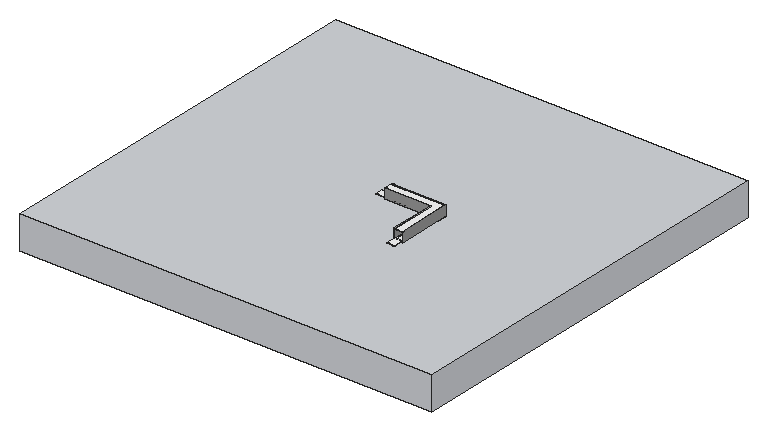
Revit family "en-halla-lina-corner-surfacerfa", category Осветительные приборы, Revit 2017
Family settings
  Основа = Грань
  Размер круглого соединителя = Использовать диаметр
  Тип детали = Нормальный
  Номер OmniClass = 23.80.70.11.11
  Заголовок OmniClass = General Luminaries, Non Directional
  При загрузке вырезать с полостями = Нет
  Источник света = Нет
  Общий = Нет
  Точка расчета площади = Нет
Parameters
  Полная установленная мощность = Power input  # 84 VA
  Youtube clip = ""
  Weight Net (Kg) = "0"
  Изготовитель = "HALLA"  # constant formula
  Default Elevation = 2000 mm
  Voltage = ""
  Uniclass 2.0 Description = "Luminaires And Lamps"
  Uniclass 2.0 Code = "PR-49"
  Uniclass 1.4 Description = "Luminaires and lamps"
  Uniclass 1.4 Code = "JY73"
  URL = "www.halla.cz"
  UNSPSC Code = "3911"
  Technical description = ""
  Switched on [instance] = yes
  Switched off [instance] = not(Switched on)  # no
  Source used = ""
  Source type = ""
  Shape of luminaire = ""
  Region South America = "All"
  Region Oceania = "All"
  Region North America = "All"
  Region Middle East = "All"
  Region Europe = "All"
  Region Asia = "All"
  Region Antarctica = "All"
  Region Africa = "All"
  Real suspension height [instance] = 10 mm  # constant formula
  QR code = "http://file-system.ru/catalog/zdaniya_i_sooruzheniya/interer/osveshchenie/halla_lina_svetilnik_uglovoy_/"
  Right connection [instance] = no
  Left connection [instance] = no
  Protection class = ""
  Product group = "LINA"
  Product family = "Indoor Luminaires"
  Product data url = ""
  Product code = ""
  Product certification = ""
  Product URL = ""
  Product SKU = "lina_corner"
  Price (EUR) = 0
  Power input = 84 W
  Description = ""
  Optics type = ""
  Suspension distance from axis = Lighting length / 2 - 200 mm  # 50 mm
  Number of sources = 1
  Nominal width = "0.00"
  Nominal height = "90.00"
  NBS Reference Description = "Luminaires And Lamps"
  NBS Reference Code = "49"
  Model = ""
  Material secondary = ""
  Material of luminaire = "Hliník"
  Material main = "Aluminium"
  Manufacturer name = "HALLA"
  Manufacturer country = "Czech Republic"
  Lighting width = 500 mm
  Lighting source distance [instance] = Real suspension height + 90 mm  # 100 mm
  Lighting length = 500 mm
  Lighting height = 90 mm
  Lighting dimensions = ""
  LED source = yes
  Installation instructions = ""
  Installation instruction = ""
  Initial intensity = ""
  Initial colour = ""
  IP Code = ""
  IFC Classification = "Light Fixture"
  Frequency = ""
  Energy class = ""
  Electric potential = 230 V  # constant formula
  Код по классификатору = "D5020200"
  Edition number = "1"
  EAN code = ""
  EAN = ""
  Lighting surface length = Lighting length - 3 mm  # 497 mm
  Distribution = ""
  Designer = ""
  Design country = "Czech Republic"
  Depth = "0.00"
  Date of publishing = "2014-12-13"
  Data sheet = ""
  Control gear option = ""
  Colour of luminaire = Aluminium - anodised
  COBIe Type Category = ""
Reference planes
  plane 1 "Střed (vpředu/vzadu)": y = 0
  plane 2: z = 0
  plane 3 "Střed (vlevo/vpravo)": x = 0
  plane 4 "BP_Světlo horní": z = 0
  plane 5: x = 0
  plane 6: x = 500
  plane 7: y = 39.5
  plane 8: y = -39.5
  plane 9: y = 18.5
  plane 10: y = -18.5
  plane 11 "Rovina zdroje světla": z = 100
  plane 12: z = 10
  plane 13: z = 10
  plane 14: z = 96
  plane 15: x = 400
  plane 16: y = -460.5
  plane 17: x = 421
  plane 18: x = 460.5
Forms (mm)
  Extrusion 1, solid
    sketch origin (0, 0, 0) x (1, 0, 0) y (0, 1, 0)
      loop
        line (-1940, 1820) -> (-1940, -1847.056) -> (1875.718, -1847.056) -> (1875.718, 1820) -> (-1940, 1820)
    from 0 to -304.8
  Sweep 2, solid, material "Aluminium - anodised" <- "Colour of luminaire"
    path in 3D
      loop
        line (0, 0, 10) -> (460.5, 0, 10) -> (460.5, -460.5, 10)
    profile origin (230.25, 0, 10) x (0, 1, 0) y (0, 0, 1)
      loop
        line (-39.5, 90) -> (-39.5, 0) -> (-37.5, 0) -> (-37.5, 4) -> (-35.5, 4) -> (-35.5, 6) -> (-37.5, 6) -> (-37.5, 9) -> (-26.5, 9) -> (-26.5, 6) -> (-29.5, 6) -> (-29.5, 4) -> (-24.5, 4) -> (-24.5, 9) -> (24.5, 9) -> (24.5, 4) -> (29.5, 4) -> (29.5, 6) -> (26.5, 6) -> (26.5, 9) -> (37.5, 9) -> (37.5, 6) -> (35.5, 6) -> (35.5, 4) -> (37.5, 4) -> (37.5, 0) -> (39.5, 0) -> (39.5, 90) -> (36.5, 90) -> (36.5, 88) -> (37.5, 88) -> (37.5, 11) -> (-37.5, 11) -> (-37.5, 88) -> (-36.5, 88) -> (-36.5, 90) -> (-39.5, 90)
  Sweep 3, solid, material "Diffuser - light switched off", visible <- "Switched on"
    path in 3D
      loop
        line (0, 0, 10) -> (460.5, 0, 10) -> (460.5, -460.5, 10)
    profile origin (230.25, 0, 10) x (0, 1, 0) y (0, 0, 1)
      loop
        line (35.307, 88) -> (36.5, 86) -> (37.5, 86) -> (37.5, 88) -> (36.5, 88) -> (36.5, 90) -> (-36.5, 90) -> (-36.5, 88) -> (-37.5, 88) -> (-37.5, 86) -> (-36.5, 86) -> (-35.307, 88) -> (35.307, 88)
  Extrusion 4, solid, material "Aluminium - white"
    sketch origin (0, 0, 0) x (0, 1, 0) y (0, 0, 1)
      loop
        line (37.5, 21) -> (37.5, 21.8) -> (-37.5, 21.8) -> (-37.5, 21) -> (37.5, 21)
    from -90 to 421
  Extrusion 5, solid, material "Aluminium - white"
    sketch origin (0, 0, 0) x (1, 0, 0) y (0, 0, 1)
      loop
        line (423, 21) -> (498, 21) -> (498, 21.8) -> (423, 21.8) -> (423, 21)
    from 39.5 to 550.5
  Sweep 6, solid, material "Diffuser - light switched on", visible <- "Switched off"
    path in 3D
      loop
        line (0, 0, 10) -> (460.5, 0, 10) -> (460.5, -460.5, 10)
    profile origin (230.25, 0, 10) x (0, 1, 0) y (0, 0, 1)
      loop
        line (35.307, 88) -> (36.5, 86) -> (37.5, 86) -> (37.5, 88) -> (36.5, 88) -> (36.5, 90) -> (-36.5, 90) -> (-36.5, 88) -> (-37.5, 88) -> (-37.5, 86) -> (-36.5, 86) -> (-35.307, 88) -> (35.307, 88)
Lines and regions (mm)
  reference lines
    curve 1: line (0, 0, 10) -> (460.5, 0, 10)
    curve 2: line (460.5, 0, 10) -> (460.5, -460.5, 10)
  sketch lines
    curve 3: line (0, 0, 10) -> (460.5, 0, 10)
    curve 4: line (460.5, 0, 10) -> (460.5, -460.5, 10)
    curve 5: line (0, 0, 10) -> (460.5, 0, 10)
    curve 6: line (460.5, 0, 10) -> (460.5, -460.5, 10)
    curve 7: line (0, 0, 10) -> (460.5, 0, 10)
    curve 8: line (460.5, 0, 10) -> (460.5, -460.5, 10)
Dimensions and locks
  equal spacing: plane 7, plane 1 "Střed (vpředu/vzadu)", plane 8
  locked: plane 7 to plane 8 at 79
  locked: plane 7 to plane 9 at 21
  locked: plane 10 to plane 8 at 21
  "Lighting length": plane 5 to plane 6
  "Lighting height": plane 11 "Rovina zdroje světla" to plane 13
  "Real suspension height": plane 13 to plane 4 "BP_Světlo horní"
  "Lighting height": plane 11 "Rovina zdroje světla" to plane 12
  locked: plane 11 "Rovina zdroje světla" to plane 14 at 4
  locked: plane 5 to plane 15 at 400
  locked: nested 3 to plane 13 at 4
  locked: nested 2 to plane 13 at 4
  "Lighting width": plane 7 to plane 16
  locked: plane 17 to plane 6 at 79
  equal spacing: plane 17, plane 18, plane 6, locked at 39.5 each
  locked: Extrusion 4 to plane 5 at 90
  locked: plane 16 to Extrusion 5 at 90
  equal spacing: plane 3 "Střed (vlevo/vpravo)", nested 1, Sweep 3
  equal spacing: Sweep 3, nested 4, plane 16
  aligned and locked: Extrusion 1 to plane 2
  aligned and locked: Extrusion 1 to level
  aligned and locked: plane 1 "Střed (vpředu/vzadu)" to nested 1  (x2)
  aligned and locked: plane 5 to nested 3
  aligned and locked: plane 3 "Střed (vlevo/vpravo)" to plane 5
  aligned and locked: nested 2 to plane 16
  aligned and locked: plane 18 to nested 2
  aligned and locked: plane 18 to nested 4
  aligned and locked: plane 17 to Extrusion 4
  aligned and locked: plane 8 to Extrusion 5
  aligned and locked: plane 1 "Střed (vpředu/vzadu)" to nested 5
  aligned and locked: plane 5 to curve 1
  aligned and locked: plane 18 to curve 2
  aligned and locked: plane 1 "Střed (vpředu/vzadu)" to curve 1
  aligned and locked: plane 16 to curve 2
Automatic sketch dimensions
  Extrusion 1 sketch curve to Extrusion 1 sketch curve = 3815.718 mm
  Extrusion 1 sketch curve to Extrusion 1 sketch curve = 3667.056 mm
  Sweep 2 sketch curve to profile plane = 0 mm  (x2)
  profile plane to Sweep 2 sketch curve = 39.5 mm
  Sweep 2 sketch curve to Sweep 2 sketch curve = 2 mm  (x15)
  profile plane to Sweep 2 sketch curve = 90 mm
  Sweep 2 sketch curve to Sweep 2 sketch curve = 4 mm
  Sweep 2 sketch curve to Sweep 2 sketch curve = 3 mm  (x5)
  Sweep 2 sketch curve to Sweep 2 sketch curve = 9 mm
  Sweep 2 sketch curve to Sweep 2 sketch curve = 0 mm  (x4)
  Sweep 2 sketch curve to profile plane = 24.5 mm
  profile plane to Sweep 2 sketch curve = 4 mm
  Sweep 2 sketch curve to Sweep 2 sketch curve = 5 mm
  Sweep 2 sketch curve to Sweep 2 sketch curve = 8 mm
  Sweep 2 sketch curve to Sweep 2 sketch curve = 1 mm  (x2)
  Sweep 3 sketch curve to profile plane = 36.5 mm
  profile plane to Sweep 3 sketch curve = 86 mm
  Sweep 3 sketch curve to Sweep 3 sketch curve = 1.193 mm  (x2)
  Sweep 3 sketch curve to Sweep 3 sketch curve = 1 mm  (x4)
  Sweep 3 sketch curve to Sweep 3 sketch curve = 2 mm  (x4)
  profile plane to Sweep 3 sketch curve = 36.5 mm
  Sweep 3 sketch curve to Sweep 3 sketch curve = 0 mm
  plane 8 to Extrusion 4 sketch curve = 2 mm
  Extrusion 4 sketch curve to plane 7 = 2 mm
  plane 12 to Extrusion 4 sketch curve = 11 mm
  Extrusion 4 sketch curve to Extrusion 4 sketch curve = 0.8 mm
  plane 17 to Extrusion 5 sketch curve = 2 mm
  Extrusion 5 sketch curve to plane 6 = 2 mm
  plane 12 to Extrusion 5 sketch curve = 11 mm
  Extrusion 5 sketch curve to Extrusion 5 sketch curve = 0.8 mm
  Sweep 6 sketch curve to profile plane = 36.5 mm
  profile plane to Sweep 6 sketch curve = 86 mm
  Sweep 6 sketch curve to Sweep 6 sketch curve = 1.193 mm  (x2)
  Sweep 6 sketch curve to Sweep 6 sketch curve = 1 mm  (x4)
  Sweep 6 sketch curve to Sweep 6 sketch curve = 2 mm  (x4)
  profile plane to Sweep 6 sketch curve = 36.5 mm
  Sweep 6 sketch curve to Sweep 6 sketch curve = 0 mm
Nested families
  nested 1: "LINA - source" at (248.5, 0, 100) x (0, -1, 0) z (0, 0, 1), built-in parameter 1001364 <- "Lighting source distance", type "LINA - source"
  nested 2: "LINA accessory - direct joint" at (460.5, -460.5, 578) x (0, -1, 0) z (0, 0, -1), visible <- "Right connection", type "03-0086, F"
  nested 3: "LINA accessory - direct joint" at (0, 0, 578) x (-1, 0, 0) z (0, 0, -1), visible <- "Left connection", type "03-0086, F"
  nested 4: "LINA - source" at (460.5, -212, 100), built-in parameter 1001364 <- "Lighting source distance", type "LINA - source"
  nested 5: "LINA accessory - ceiling fastening" at (460.5, 0, 0) x (0, -1, 0) z (0, 0, 1), type "03-0028, F"
Definition of nested family "LINA accessory - direct joint"
  Parameters
    Manufacturer = "HALLA"  # constant formula
    Default Elevation = 0 mm
    URL = "http.//www.halla.cz"
    Description = ""
    Model = ""
    Assembly Code = "D5020200"
    Keynote = ""
    Barva svítidla = none
  Reference planes
    plane 1 "Střed (vpředu/vzadu)": y = 0
    plane 2: z = 0
    plane 3 "Střed (vlevo/vpravo)": x = 0
    plane 4: z = 564
  Forms (mm)
    Extrusion 1, solid, material <- "Barva svítidla"
      sketch origin (0, 0, 0) x (0, 1, 0) y (0, 0, 1)
        loop
          line (28.5, 564) -> (28.5, 574) -> (27.7, 574) -> (27.7, 564.8) -> (-27.7, 564.8) -> (-27.7, 574) -> (-28.5, 574) -> (-28.5, 564) -> (28.5, 564)
      from -50 to 50
  Dimensions and locks
    equal spacing: Extrusion 1, plane 3 "Střed (vlevo/vpravo)", Extrusion 1
    locked: Extrusion 1 to Extrusion 1 at 100
    aligned and locked: level to plane 2
  Automatic sketch dimensions
    Extrusion 1 sketch curve to plane 4 = 0 mm
    plane 4 to Extrusion 1 sketch curve = 10 mm  (x2)
    plane 1 "Střed (vpředu/vzadu)" to Extrusion 1 sketch curve = 28.5 mm
    Extrusion 1 sketch curve to Extrusion 1 sketch curve = 0.8 mm  (x2)
    Extrusion 1 sketch curve to plane 1 "Střed (vpředu/vzadu)" = 27.7 mm
    plane 4 to Extrusion 1 sketch curve = 0.8 mm
Definition of nested family "LINA accessory - ceiling fastening"
  Parameters
    Manufacturer = "HALLA"  # constant formula
    Default Elevation = 0 mm
    URL = "http://www.halla.cz"
    Description = ""
    Model = ""
    Assembly Code = "D5020200"
    Keynote = ""
    Barva svítidla = none
  Reference planes
    plane 1 "Střed (vpředu/vzadu)": y = 0
    plane 2: z = 0
    plane 3 "Střed (vlevo/vpravo)": x = 0
  Forms (mm)
    Extrusion 1, solid
      sketch origin (0, 0, 0) x (1, 0, 0) y (0, 1, 0)
        loop
          line (-38, 38) -> (-38, -38) -> (38, -38) -> (38, 38) -> (-38, 38)
      from 0 to 10
  Dimensions and locks
    aligned and locked: level to plane 2
Definition of nested family "LINA - source"
  Parameters
    built-in parameter 1150104 = 13.8 (stored number, unit not read)
    Tilt Angle = -90.00°
    built-in parameter 1150112 = 1 (stored number, unit not read)
    built-in parameter 1114218 = 1 (stored number, unit not read)
    built-in parameter 1150109 = 1 (stored number, unit not read)
    built-in parameter 1150110 = 1 (stored number, unit not read)
    built-in parameter 1150133 = 10 (stored number, unit not read)
    built-in parameter 1150134 = 3
    Lumens = 1380 lm
    Photometric Web File = "543780-61201.ies"
    Wattage = 9.2903 W
    built-in parameter 1150107 = 3200 (stored number, unit not read)
    built-in parameter 1150102 = (empty or 0)
    built-in parameter 1150138 = (empty or 0)
    Dimming Lamp Color Temperature Shift = (empty or 0)
    built-in parameter 1150114 = 1 (stored number, unit not read)
    built-in parameter 1150115 = 1 (stored number, unit not read)
    built-in parameter 1150106 = 5.5108 (stored number, unit not read)
    built-in parameter 1150137 = (empty or 0)
    built-in parameter 1150132 = 2
    built-in parameter 1150105 = 551.08 (stored number, unit not read)
    built-in parameter 1150139 = (empty or 0)
    built-in parameter 1150113 = 1 (stored number, unit not read)
    Emit from Rectangle Width = 607 mm
    Emit from Rectangle Length = 73 mm
    Emit Shape Visible in Rendering = no
    built-in parameter 1114217 = 1 (stored number, unit not read)
    Color Filter = 16777215
  Reference planes
    plane 1 "Střed (vpředu/vzadu)": y = 0
    plane 2: z = 0
    plane 3 "Střed (vlevo/vpravo)": x = 0
  Lines and regions (mm)
    model lines
      curve 1: line (0, 0, 0) -> (0, 320, 0)
    model lines, not visible
      curve 2: line (0, 0, 0) -> (150, 0, 0)
  Dimensions and locks
    aligned and locked: level to plane 2
